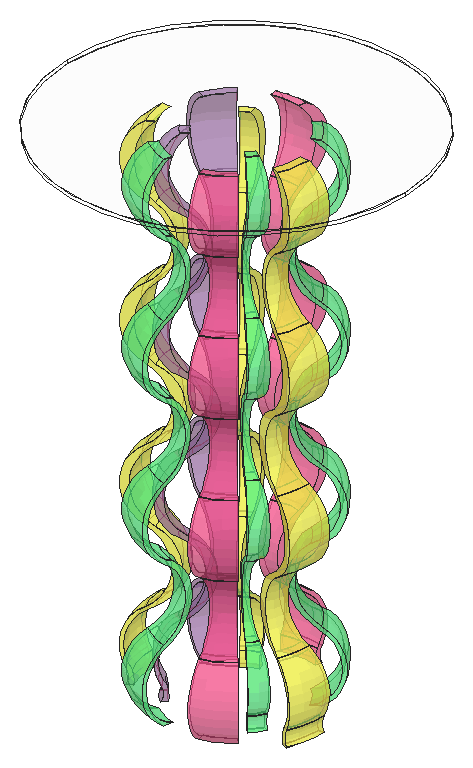
Revit family
Reference planes (in)
  plane 1 "Center (Front/Back)": y = 0
  plane 2: z = 0
  plane 3 "Center (Left/Right)": x = 0
  plane 4 "Table Leg 1": x = 8
  plane 5 "Table Support 1": y = -8
  plane 6: x = 22
Forms (in)
  Extrusion 1, solid, material "Tiny table"
    sketch origin (30.32749, 0, 41.88936) x (0.906308, -0.422618, 0) y (0.422618, 0.906308, 0)
      loop
        circle (-0.15744, 0.07515) r 14
    from 0 to 0.33203
  Revolve 2, solid, material "Tiny table g"
    sketch origin (0, 0, 23.78143) x (1, 0, 0) y (0, 0, 1)
      loop
        line (35.85885, 18.10793) -> (35.14381, 18.10793)
        arc (35.14381, 18.10793) -> (37.08678, 15.11948) -> (35.14381, 12.13104) r 3.26972
        arc (35.14381, 12.13104) -> (33.6652, 9.13104) -> (35.14381, 6.13104) r 3.78271
        arc (35.14381, 6.13104) -> (37.19336, 3.13104) -> (35.14381, 0.13104) r 3.22038
        arc (35.14381, 0.13104) -> (33.69703, -2.86896) -> (35.14381, -5.86896) r 3.83375
        arc (35.14381, -5.86896) -> (37.15441, -8.86896) -> (35.14381, -11.86896) r 3.24344
        arc (35.14381, -11.86896) -> (33.58405, -14.86122) -> (35.19973, -17.82365) r 3.58563
        arc (35.19973, -17.82365) -> (35.48551, -18.01541) -> (35.77484, -18.20176) r 18.32363
        arc (35.77484, -18.20176) -> (37.25656, -21.25931) -> (35.10885, -23.89207) r 3.15913
        line (35.10885, -23.89207) -> (35.85885, -23.89207)
        arc (35.85885, -23.89207) -> (37.60061, -20.89207) -> (35.85885, -17.89207) r 3.45447
        arc (35.85885, -17.89207) -> (34.11709, -14.89207) -> (35.85885, -11.89207) r 3.45447
        arc (35.85885, -11.89207) -> (37.60061, -8.89207) -> (35.85885, -5.89207) r 3.45447
        arc (35.85885, -5.89207) -> (34.11709, -2.89207) -> (35.85885, 0.10793) r 3.45447
        arc (35.85885, 0.10793) -> (37.60061, 3.10793) -> (35.85885, 6.10793) r 3.45447
        arc (35.85885, 6.10793) -> (34.11709, 9.10793) -> (35.85885, 12.10793) r 3.45447
        arc (35.85885, 12.10793) -> (37.60061, 15.10793) -> (35.85885, 18.10793) r 3.45447
      axis (29.85885, 18.10793) -> (29.85885, -23.89207)
    angle from 25 to 50
  Revolve 3, solid, material "Tiny table pu"
    sketch origin (0, 0, 23.78143) x (1, 0, 0) y (0, 0, 1)
      loop
        line (36.5701, 18.10793) -> (35.85506, 18.10793)
        arc (35.85506, 18.10793) -> (37.79803, 15.11948) -> (35.85506, 12.13104) r 3.26972
        arc (35.85506, 12.13104) -> (34.37646, 9.13104) -> (35.85506, 6.13104) r 3.78271
        arc (35.85506, 6.13104) -> (37.90461, 3.13104) -> (35.85506, 0.13104) r 3.22038
        arc (35.85506, 0.13104) -> (34.40828, -2.86896) -> (35.85506, -5.86896) r 3.83375
        arc (35.85506, -5.86896) -> (37.86566, -8.86896) -> (35.85506, -11.86896) r 3.24344
        arc (35.85506, -11.86896) -> (34.29531, -14.86122) -> (35.91099, -17.82365) r 3.58563
        arc (35.91099, -17.82365) -> (36.19676, -18.01541) -> (36.48609, -18.20176) r 18.32363
        arc (36.48609, -18.20176) -> (37.96782, -21.25931) -> (35.8201, -23.89207) r 3.15913
        line (35.8201, -23.89207) -> (36.5701, -23.89207)
        arc (36.5701, -23.89207) -> (38.31186, -20.89207) -> (36.5701, -17.89207) r 3.45447
        arc (36.5701, -17.89207) -> (34.82834, -14.89207) -> (36.5701, -11.89207) r 3.45447
        arc (36.5701, -11.89207) -> (38.31186, -8.89207) -> (36.5701, -5.89207) r 3.45447
        arc (36.5701, -5.89207) -> (34.82834, -2.89207) -> (36.5701, 0.10793) r 3.45447
        arc (36.5701, 0.10793) -> (38.31186, 3.10793) -> (36.5701, 6.10793) r 3.45447
        arc (36.5701, 6.10793) -> (34.82834, 9.10793) -> (36.5701, 12.10793) r 3.45447
        arc (36.5701, 12.10793) -> (38.31186, 15.10793) -> (36.5701, 18.10793) r 3.45447
      axis (30.5701, 18.10793) -> (30.5701, -23.89207)
    angle from 130 to 155
  Revolve 4, solid, material "Tiny table g"
    sketch origin (0, 0, 23.78143) x (1, 0, 0) y (0, 0, 1)
      loop
        line (36.5057, 18.10793) -> (35.79067, 18.10793)
        arc (35.79067, 18.10793) -> (37.73363, 15.11948) -> (35.79067, 12.13104) r 3.26972
        arc (35.79067, 12.13104) -> (34.31206, 9.13104) -> (35.79067, 6.13104) r 3.78271
        arc (35.79067, 6.13104) -> (37.84021, 3.13104) -> (35.79067, 0.13104) r 3.22038
        arc (35.79067, 0.13104) -> (34.34389, -2.86896) -> (35.79067, -5.86896) r 3.83375
        arc (35.79067, -5.86896) -> (37.80126, -8.86896) -> (35.79067, -11.86896) r 3.24344
        arc (35.79067, -11.86896) -> (34.23091, -14.86122) -> (35.84659, -17.82365) r 3.58563
        arc (35.84659, -17.82365) -> (36.13237, -18.01541) -> (36.42169, -18.20176) r 18.32363
        arc (36.42169, -18.20176) -> (37.90342, -21.25931) -> (35.7557, -23.89207) r 3.15913
        line (35.7557, -23.89207) -> (36.5057, -23.89207)
        arc (36.5057, -23.89207) -> (38.24746, -20.89207) -> (36.5057, -17.89207) r 3.45447
        arc (36.5057, -17.89207) -> (34.76394, -14.89207) -> (36.5057, -11.89207) r 3.45447
        arc (36.5057, -11.89207) -> (38.24746, -8.89207) -> (36.5057, -5.89207) r 3.45447
        arc (36.5057, -5.89207) -> (34.76394, -2.89207) -> (36.5057, 0.10793) r 3.45447
        arc (36.5057, 0.10793) -> (38.24746, 3.10793) -> (36.5057, 6.10793) r 3.45447
        arc (36.5057, 6.10793) -> (34.76394, 9.10793) -> (36.5057, 12.10793) r 3.45447
        arc (36.5057, 12.10793) -> (38.24746, 15.10793) -> (36.5057, 18.10793) r 3.45447
      axis (30.5057, 18.10793) -> (30.5057, -23.89207)
    angle from 230 to 255
  Revolve 5, solid, material "Tiny table p"
    sketch origin (0, 0, 23.78143) x (1, 0, 0) y (0, 0, 1)
      loop
        line (36.27875, 18.10793) -> (35.56371, 18.10793)
        arc (35.56371, 18.10793) -> (37.50667, 15.11948) -> (35.56371, 12.13104) r 3.26972
        arc (35.56371, 12.13104) -> (34.0851, 9.13104) -> (35.56371, 6.13104) r 3.78271
        arc (35.56371, 6.13104) -> (37.61325, 3.13104) -> (35.56371, 0.13104) r 3.22038
        arc (35.56371, 0.13104) -> (34.11693, -2.86896) -> (35.56371, -5.86896) r 3.83375
        arc (35.56371, -5.86896) -> (37.5743, -8.86896) -> (35.56371, -11.86896) r 3.24344
        arc (35.56371, -11.86896) -> (34.00395, -14.86122) -> (35.61963, -17.82365) r 3.58563
        arc (35.61963, -17.82365) -> (35.90541, -18.01541) -> (36.19473, -18.20176) r 18.32363
        arc (36.19473, -18.20176) -> (37.67646, -21.25931) -> (35.52875, -23.89207) r 3.15913
        line (35.52875, -23.89207) -> (36.27875, -23.89207)
        arc (36.27875, -23.89207) -> (38.02051, -20.89207) -> (36.27875, -17.89207) r 3.45447
        arc (36.27875, -17.89207) -> (34.53698, -14.89207) -> (36.27875, -11.89207) r 3.45447
        arc (36.27875, -11.89207) -> (38.02051, -8.89207) -> (36.27875, -5.89207) r 3.45447
        arc (36.27875, -5.89207) -> (34.53698, -2.89207) -> (36.27875, 0.10793) r 3.45447
        arc (36.27875, 0.10793) -> (38.02051, 3.10793) -> (36.27875, 6.10793) r 3.45447
        arc (36.27875, 6.10793) -> (34.53698, 9.10793) -> (36.27875, 12.10793) r 3.45447
        arc (36.27875, 12.10793) -> (38.02051, 15.10793) -> (36.27875, 18.10793) r 3.45447
      axis (30.27875, 18.10793) -> (30.27875, -23.89207)
    angle from 285 to 310
  Revolve 6, solid, material "Tiny table p"
    sketch origin (0, 0, 23.78143) x (1, 0, 0) y (0, 0, 1)
      loop
        line (36.20099, 18.10793) -> (35.48595, 18.10793)
        arc (35.48595, 18.10793) -> (36.95887, 15.11948) -> (35.48595, 12.13104) r 3.76814
        arc (35.48595, 12.13104) -> (34.00735, 9.13104) -> (35.48595, 6.13104) r 3.78271
        arc (35.48595, 6.13104) -> (36.93273, 3.13104) -> (35.48595, 0.13104) r 3.83375
        arc (35.48595, 0.13104) -> (33.47659, -2.77959) -> (35.32256, -5.79649) r 3.24344
        arc (35.32256, -5.79649) -> (37.26342, -8.7827) -> (35.48595, -11.86896) r 3.41008
        arc (35.48595, -11.86896) -> (33.72646, -14.86309) -> (35.54188, -17.82365) r 3.37354
        arc (35.54188, -17.82365) -> (35.82765, -18.01541) -> (36.11698, -18.20176) r 18.32363
        arc (36.11698, -18.20176) -> (37.55332, -20.24582) -> (37.05581, -22.69403) r 3.15913
        arc (37.05581, -22.69403) -> (36.93158, -23.28677) -> (36.95099, -23.89207) r 2.54361
        line (36.95099, -23.89207) -> (37.48828, -23.89207)
        arc (37.48828, -23.89207) -> (37.31749, -23.24843) -> (37.48828, -22.60479) r 1.2982
        arc (37.48828, -22.60479) -> (37.82067, -19.98182) -> (36.20099, -17.89207) r 3.45447
        arc (36.20099, -17.89207) -> (34.45923, -14.89207) -> (36.20099, -11.89207) r 3.45447
        arc (36.20099, -11.89207) -> (37.94275, -8.89207) -> (36.20099, -5.89207) r 3.45447
        arc (36.20099, -5.89207) -> (34.45923, -2.89207) -> (36.20099, 0.10793) r 3.45447
        arc (36.20099, 0.10793) -> (37.94275, 3.10793) -> (36.20099, 6.10793) r 3.45447
        arc (36.20099, 6.10793) -> (34.45923, 9.10793) -> (36.20099, 12.10793) r 3.45447
        arc (36.20099, 12.10793) -> (37.94275, 15.10793) -> (36.20099, 18.10793) r 3.45447
      axis (30.20099, 18.10793) -> (30.20099, -23.89207)
    angle from 103 to 78
  Revolve 7, solid, material "Tiny table y"
    sketch origin (0, 0, 23.78143) x (1, 0, 0) y (0, 0, 1)
      loop
        line (36.23273, 18.10793) -> (35.51769, 18.10793)
        arc (35.51769, 18.10793) -> (36.9906, 15.11948) -> (35.51769, 12.13104) r 3.76814
        arc (35.51769, 12.13104) -> (34.03908, 9.13104) -> (35.51769, 6.13104) r 3.78271
        arc (35.51769, 6.13104) -> (36.96447, 3.13104) -> (35.51769, 0.13104) r 3.83375
        arc (35.51769, 0.13104) -> (33.50833, -2.77959) -> (35.35429, -5.79649) r 3.24344
        arc (35.35429, -5.79649) -> (37.29516, -8.7827) -> (35.51769, -11.86896) r 3.41008
        arc (35.51769, -11.86896) -> (33.75819, -14.86309) -> (35.57361, -17.82365) r 3.37354
        arc (35.57361, -17.82365) -> (35.85939, -18.01541) -> (36.14872, -18.20176) r 18.32363
        arc (36.14872, -18.20176) -> (37.58505, -20.24582) -> (37.08754, -22.69403) r 3.15913
        arc (37.08754, -22.69403) -> (36.96331, -23.28677) -> (36.98273, -23.89207) r 2.54361
        line (36.98273, -23.89207) -> (37.52002, -23.89207)
        arc (37.52002, -23.89207) -> (37.34922, -23.24843) -> (37.52002, -22.60479) r 1.2982
        arc (37.52002, -22.60479) -> (37.85241, -19.98182) -> (36.23273, -17.89207) r 3.45447
        arc (36.23273, -17.89207) -> (34.49097, -14.89207) -> (36.23273, -11.89207) r 3.45447
        arc (36.23273, -11.89207) -> (37.97449, -8.89207) -> (36.23273, -5.89207) r 3.45447
        arc (36.23273, -5.89207) -> (34.49097, -2.89207) -> (36.23273, 0.10793) r 3.45447
        arc (36.23273, 0.10793) -> (37.97449, 3.10793) -> (36.23273, 6.10793) r 3.45447
        arc (36.23273, 6.10793) -> (34.49097, 9.10793) -> (36.23273, 12.10793) r 3.45447
        arc (36.23273, 12.10793) -> (37.97449, 15.10793) -> (36.23273, 18.10793) r 3.45447
      axis (30.23273, 18.10793) -> (30.23273, -23.89207)
    angle from 180 to 205
  Revolve 8, solid, material "Tiny table y"
    sketch origin (0, 0, 23.78143) x (1, 0, 0) y (0, 0, 1)
      loop
        line (36.32749, 18.10793) -> (35.61245, 18.10793)
        arc (35.61245, 18.10793) -> (37.08536, 15.11948) -> (35.61245, 12.13104) r 3.76814
        arc (35.61245, 12.13104) -> (34.13384, 9.13104) -> (35.61245, 6.13104) r 3.78271
        arc (35.61245, 6.13104) -> (37.05923, 3.13104) -> (35.61245, 0.13104) r 3.83375
        arc (35.61245, 0.13104) -> (33.60309, -2.77959) -> (35.44905, -5.79649) r 3.24344
        arc (35.44905, -5.79649) -> (37.38992, -8.7827) -> (35.61245, -11.86896) r 3.41008
        arc (35.61245, -11.86896) -> (33.85295, -14.86309) -> (35.66837, -17.82365) r 3.37354
        arc (35.66837, -17.82365) -> (35.95415, -18.01541) -> (36.24348, -18.20176) r 18.32363
        arc (36.24348, -18.20176) -> (37.67981, -20.24582) -> (37.18231, -22.69403) r 3.15913
        arc (37.18231, -22.69403) -> (37.05808, -23.28677) -> (37.07749, -23.89207) r 2.54361
        line (37.07749, -23.89207) -> (37.61478, -23.89207)
        arc (37.61478, -23.89207) -> (37.44398, -23.24843) -> (37.61478, -22.60479) r 1.2982
        arc (37.61478, -22.60479) -> (37.94717, -19.98182) -> (36.32749, -17.89207) r 3.45447
        arc (36.32749, -17.89207) -> (34.58573, -14.89207) -> (36.32749, -11.89207) r 3.45447
        arc (36.32749, -11.89207) -> (38.06925, -8.89207) -> (36.32749, -5.89207) r 3.45447
        arc (36.32749, -5.89207) -> (34.58573, -2.89207) -> (36.32749, 0.10793) r 3.45447
        arc (36.32749, 0.10793) -> (38.06925, 3.10793) -> (36.32749, 6.10793) r 3.45447
        arc (36.32749, 6.10793) -> (34.58573, 9.10793) -> (36.32749, 12.10793) r 3.45447
        arc (36.32749, 12.10793) -> (38.06925, 15.10793) -> (36.32749, 18.10793) r 3.45447
      axis (30.32749, 18.10793) -> (30.32749, -23.89207)
    angle from 335 to 360
  Revolve 9, solid, material "Tiny table pu"
    sketch origin (0, 0, 23.78143) x (1, 0, 0) y (0, 0, 1)
      loop
        line (32.99229, 18.15005) -> (32.27725, 18.15005)
        arc (32.27725, 18.15005) -> (33.75016, 15.16161) -> (32.27725, 12.17316) r 3.76814
        arc (32.27725, 12.17316) -> (30.79864, 9.17316) -> (32.27725, 6.17316) r 3.78271
        arc (32.27725, 6.17316) -> (33.72403, 3.17316) -> (32.27725, 0.17316) r 3.83375
        arc (32.27725, 0.17316) -> (30.26788, -2.73746) -> (32.11385, -5.75436) r 3.24344
        arc (32.11385, -5.75436) -> (34.05472, -8.74058) -> (32.27725, -11.82684) r 3.41008
        arc (32.27725, -11.82684) -> (30.51775, -14.82097) -> (32.33317, -17.78153) r 3.37354
        arc (32.33317, -17.78153) -> (32.61895, -17.97328) -> (32.90827, -18.15963) r 18.32363
        arc (32.90827, -18.15963) -> (34.34461, -20.2037) -> (33.8471, -22.65191) r 3.15913
        arc (33.8471, -22.65191) -> (33.72287, -23.24464) -> (33.74229, -23.84995) r 2.54361
        line (33.74229, -23.84995) -> (34.27957, -23.84995)
        arc (34.27957, -23.84995) -> (34.10878, -23.20631) -> (34.27957, -22.56266) r 1.2982
        arc (34.27957, -22.56266) -> (34.61196, -19.9397) -> (32.99229, -17.84995) r 3.45447
        arc (32.99229, -17.84995) -> (31.25052, -14.84995) -> (32.99229, -11.84995) r 3.45447
        arc (32.99229, -11.84995) -> (34.73405, -8.84995) -> (32.99229, -5.84995) r 3.45447
        arc (32.99229, -5.84995) -> (31.25052, -2.84995) -> (32.99229, 0.15005) r 3.45447
        arc (32.99229, 0.15005) -> (34.73405, 3.15005) -> (32.99229, 6.15005) r 3.45447
        arc (32.99229, 6.15005) -> (31.25052, 9.15005) -> (32.99229, 12.15005) r 3.45447
        arc (32.99229, 12.15005) -> (34.73405, 15.15005) -> (32.99229, 18.15005) r 3.45447
      axis (29.7302, 18.15005) -> (29.7302, -23.84995)
    angle from -150.681 to -128.408
  Revolve 10, solid, material "Tiny table g"
    sketch origin (0, 0, 23.78143) x (1, 0, 0) y (0, 0, 1)
      loop
        line (33.87063, 18.15005) -> (33.15559, 18.15005)
        arc (33.15559, 18.15005) -> (34.6285, 15.16161) -> (33.15559, 12.17316) r 3.76814
        arc (33.15559, 12.17316) -> (31.67698, 9.17316) -> (33.15559, 6.17316) r 3.78271
        arc (33.15559, 6.17316) -> (34.60237, 3.17316) -> (33.15559, 0.17316) r 3.83375
        arc (33.15559, 0.17316) -> (31.14622, -2.73746) -> (32.99219, -5.75436) r 3.24344
        arc (32.99219, -5.75436) -> (34.93306, -8.74058) -> (33.15559, -11.82684) r 3.41008
        arc (33.15559, -11.82684) -> (31.39609, -14.82097) -> (33.21151, -17.78153) r 3.37354
        arc (33.21151, -17.78153) -> (33.49729, -17.97328) -> (33.78662, -18.15963) r 18.32363
        arc (33.78662, -18.15963) -> (35.22295, -20.2037) -> (34.72544, -22.65191) r 3.15913
        arc (34.72544, -22.65191) -> (34.60121, -23.24464) -> (34.62063, -23.84995) r 2.54361
        line (34.62063, -23.84995) -> (35.15791, -23.84995)
        arc (35.15791, -23.84995) -> (34.98712, -23.20631) -> (35.15791, -22.56266) r 1.2982
        arc (35.15791, -22.56266) -> (35.49031, -19.9397) -> (33.87063, -17.84995) r 3.45447
        arc (33.87063, -17.84995) -> (32.12887, -14.84995) -> (33.87063, -11.84995) r 3.45447
        arc (33.87063, -11.84995) -> (35.61239, -8.84995) -> (33.87063, -5.84995) r 3.45447
        arc (33.87063, -5.84995) -> (32.12887, -2.84995) -> (33.87063, 0.15005) r 3.45447
        arc (33.87063, 0.15005) -> (35.61239, 3.15005) -> (33.87063, 6.15005) r 3.45447
        arc (33.87063, 6.15005) -> (32.12887, 9.15005) -> (33.87063, 12.15005) r 3.45447
        arc (33.87063, 12.15005) -> (35.61239, 15.15005) -> (33.87063, 18.15005) r 3.45447
      axis (30.60854, 18.15005) -> (30.60854, -23.84995)
    angle from -28.009 to -45.286
  Revolve 11, solid, material "Tiny table y"
    sketch origin (0, 0, 23.78143) x (1, 0, 0) y (0, 0, 1)
      loop
        line (33.52895, 18.15005) -> (32.81392, 18.15005)
        arc (32.81392, 18.15005) -> (34.28683, 15.16161) -> (32.81392, 12.17316) r 3.76814
        arc (32.81392, 12.17316) -> (31.33531, 9.17316) -> (32.81392, 6.17316) r 3.78271
        arc (32.81392, 6.17316) -> (34.26069, 3.17316) -> (32.81392, 0.17316) r 3.83375
        arc (32.81392, 0.17316) -> (30.80455, -2.73746) -> (32.65052, -5.75436) r 3.24344
        arc (32.65052, -5.75436) -> (34.59139, -8.74058) -> (32.81392, -11.82684) r 3.41008
        arc (32.81392, -11.82684) -> (31.05442, -14.82097) -> (32.86984, -17.78153) r 3.37354
        arc (32.86984, -17.78153) -> (33.15562, -17.97328) -> (33.44494, -18.15963) r 18.32363
        arc (33.44494, -18.15963) -> (34.88128, -20.2037) -> (34.38377, -22.65191) r 3.15913
        arc (34.38377, -22.65191) -> (34.25954, -23.24464) -> (34.27895, -23.84995) r 2.54361
        line (34.27895, -23.84995) -> (34.81624, -23.84995)
        arc (34.81624, -23.84995) -> (34.64545, -23.20631) -> (34.81624, -22.56266) r 1.2982
        arc (34.81624, -22.56266) -> (35.14863, -19.9397) -> (33.52895, -17.84995) r 3.45447
        arc (33.52895, -17.84995) -> (31.78719, -14.84995) -> (33.52895, -11.84995) r 3.45447
        arc (33.52895, -11.84995) -> (35.27071, -8.84995) -> (33.52895, -5.84995) r 3.45447
        arc (33.52895, -5.84995) -> (31.78719, -2.84995) -> (33.52895, 0.15005) r 3.45447
        arc (33.52895, 0.15005) -> (35.27071, 3.15005) -> (33.52895, 6.15005) r 3.45447
        arc (33.52895, 6.15005) -> (31.78719, 9.15005) -> (33.52895, 12.15005) r 3.45447
        arc (33.52895, 12.15005) -> (35.27071, 15.15005) -> (33.52895, 18.15005) r 3.45447
      axis (30.26687, 18.15005) -> (30.26687, -23.84995)
    angle from 106.044 to 125.265
